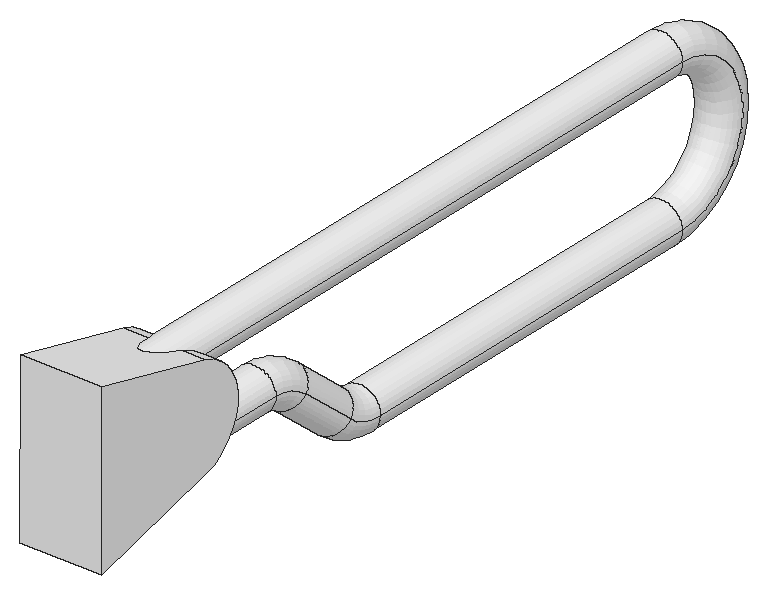
Revit family
Parameters (values of type "화장실 그랩 난간")
  재료 위생 용품 [instance] = 금속 - 화이트 분말 코팅
  Keynote = "N13"
  Assembly Code = ""
Reference planes
  plane 1 "중심(앞/뒤)": y = 0
  plane 2: z = 0
  plane 3: x = -855.796
  plane 4: z = 700
  plane 5: y = 111.584
  plane 6: z = 680
  plane 7: z = 530
  plane 8: z = 594.133
  plane 9: through (0, 227.13, 594.133) normal (0, 0.6428, 0.766)
Forms (mm)
  Extrusion 1, solid, material "금속 - 화이트 분말 코팅" <- "재료 위생 용품"
    sketch origin (-855.796, 721.997, 4020) x (0, 1, 0) y (0, 0, 1)
      loop
        line (-721.997, -3300.612) -> (-721.997, -3445.455) -> (-610.413, -3417.634)
        arc (-610.413, -3417.634) -> (-575.568, -3373.034) -> (-610.413, -3328.433) r 45.966
        line (-610.413, -3328.433) -> (-721.997, -3300.612)
    from -35.09 to 35.09
  Sweep 2, solid, material "금속 - 화이트 분말 코팅" <- "재료 위생 용품"
    path origin (-855.796, 721.997, 4000) x (0, 1, 0) y (0, 0, 1)
      loop
        line (-639.867, -3320) -> (-75, -3320)
        arc (-75, -3320) -> (-10, -3385) -> (-75, -3450) r 65
        line (-75, -3450) -> (-400.239, -3450)
        arc (-400.239, -3450) -> (-417.34, -3446.985) -> (-432.378, -3438.302) r 50
        line (-432.378, -3438.302) -> (-480.926, -3397.565)
        arc (-480.926, -3397.565) -> (-495.965, -3388.883) -> (-513.066, -3385.867) r 50
        line (-513.066, -3385.867) -> (-689.867, -3385.867)
    profile origin (-855.796, 364.564, 680) x (0, 0, 1) y (1, 0, 0)
      loop
        circle (0, 0) r 18
Cuts and joins
  joined: Extrusion 1, Sweep 2
Lines and regions (mm)
  Masking region 1
    outline origin (0, 0, 0) x (1, 0, 0) y (0, 1, 0)
      loop
        line (-820.706, 0) -> (-820.706, 146.43) -> (-837.887, 146.43) -> (-837.887, 711.823)
        arc (-837.887, 711.823) -> (-855.85, 729.786) -> (-873.813, 711.823) r 17.963
        line (-873.813, 711.823) -> (-873.813, 146.43) -> (-890.886, 146.43) -> (-890.886, 0) -> (-820.706, 0)
  symbolic lines
    curve 1: line (-890.886, 146.43, 0) -> (-820.706, 146.43, 0)
    curve 2: line (-890.886, 0, 0) -> (-890.886, 146.43, 0)
    curve 3: line (-820.706, 0, 0) -> (-890.886, 0, 0)
    curve 4: line (-820.706, 146.43, 0) -> (-820.706, 0, 0)
    curve 5: arc (-873.688, 714.045, 0) -> (-854.865, 729.997, 0) -> (-837.904, 712.078, 0) r 17.946
    curve 6: line (-837.904, 712.078, 0) -> (-837.904, 134.117, 0)
    curve 7: arc (-873.796, 132.632, 0) -> (-871.509, 139.089, 0) -> (-865.669, 142.668, 0) r 10.26
    curve 8: arc (-865.669, 142.668, 0) -> (-855.669, 143.719, 0) -> (-845.669, 142.668, 0) r 48.097
    curve 9: arc (-873.796, 132.632, 0) -> (-872.997, 126.137, 0) -> (-871.526, 119.76, 0) r 62.702
    curve 10: line (-871.526, 119.76, 0) -> (-868.81, 108.868, 0)
    curve 11: arc (-868.81, 108.868, 0) -> (-866.486, 101.02, 0) -> (-863.486, 93.404, 0) r 93.823
    curve 12: arc (-863.486, 93.404, 0) -> (-861.629, 90.487, 0) -> (-859.337, 87.898, 0) r 21.936
    curve 13: arc (-842.781, 108.868, 0) -> (-845.106, 101.02, 0) -> (-848.106, 93.404, 0) r 93.823
    curve 14: line (-840.065, 119.76, 0) -> (-842.781, 108.868, 0)
    curve 15: arc (-848.106, 93.404, 0) -> (-849.962, 90.487, 0) -> (-852.255, 87.898, 0) r 21.936
    curve 16: arc (-859.337, 87.898, 0) -> (-855.796, 86.694, 0) -> (-852.255, 87.898, 0) r 5.807
    curve 17: line (-873.688, 714.045, 0) -> (-873.688, 134.117, 0)
    curve 18: arc (-837.796, 132.632, 0) -> (-838.594, 126.137, 0) -> (-840.065, 119.76, 0) r 62.702
    curve 19: arc (-837.796, 132.632, 0) -> (-840.082, 139.089, 0) -> (-845.923, 142.668, 0) r 10.26
